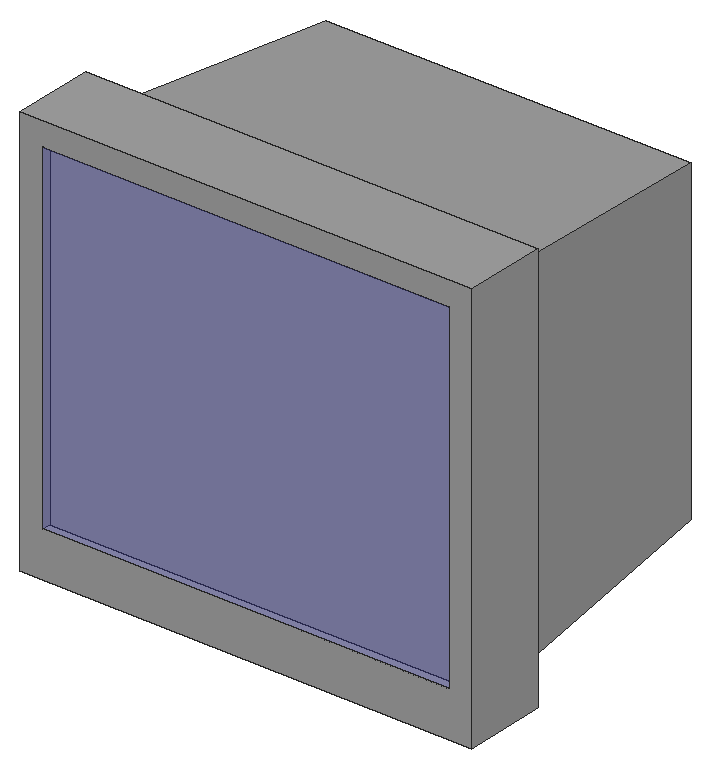
Revit family
Parameters (values of type "754mm Width")
  Material = Plastic - Gray
  Depth = 546.00 mm
  Height = 686.00 mm
  Width = 754.00 mm
Types (5, lengths in mm): name | Depth | Height | Width
  (no name) | 546.00 | 686.00 | 754.00
  648mm Width | 513.00 | 595.00 | 648.00
  520mm Width | 468.00 | 445.00 | 520.00
  754mm Width | 546.00 | 686.00 | 754.00
  935mm Width | 635.00 | 825.00 | 935.00
Reference planes
  plane 1 "Center (Front/Back)": y = 0
  plane 2: z = 0
  plane 3 "Center (Left/Right)": x = 0
  plane 4: z = 686
  plane 5: y = -349.25
  plane 6: x = 377
  plane 7: x = -377
  plane 8: y = -212.75
  plane 9: x = -338.9
  plane 10: x = 338.9
  plane 11: x = -303.975
  plane 12: x = 303.975
  plane 13: z = 38.1
  plane 14: z = 76.2
  plane 15: z = 647.106
  plane 16: z = 609.006
  plane 17: y = 60.25
  plane 18: y = 196.75
  plane 19: y = -76.25
Forms (mm)
  Extrusion 1, solid, material "Plastic - Gray" <- "Material"
    sketch origin (0, 0, 0) x (1, 0, 0) y (0, 1, 0)
      loop
        line (-377, -212.75) -> (-377, -349.25) -> (377, -349.25) -> (377, -212.75) -> (-377, -212.75)
    from 0 to 686
  Blend 2, solid, material "Plastic - Gray" <- "Material"
    base sketch origin (-377, -349.25, 686) x (0, 0, -1) y (1, 0, 0)
      loop
        line (38.894, 38.1) -> (647.9, 38.1) -> (647.9, 715.9) -> (38.894, 715.9) -> (38.894, 38.1)
    top sketch origin (-377, -349.25, 686) x (0, 0, -1) y (1, 0, 0)
      loop
        line (76.994, 73.025) -> (609.8, 73.025) -> (609.8, 680.975) -> (76.994, 680.975) -> (76.994, 73.025)
    from -136.5 to -546
  Extrusion 3, void
    sketch origin (-377, -349.25, 686) x (0, 0, 1) y (1, 0, 0)
      loop
        line (-38.894, 38.1) -> (-38.894, 715.9) -> (-609.8, 715.9) -> (-609.8, 38.1) -> (-38.894, 38.1)
    from 0 to 14.728
  Extrusion 4, solid, material "Glass"
    sketch origin (-377, -349.25, 686) x (0, 0, -1) y (1, 0, 0)
      loop
        line (38.894, 38.1) -> (609.8, 38.1) -> (609.8, 715.9) -> (38.894, 715.9) -> (38.894, 38.1)
    from -14.728 to 0
Cuts and joins
  Extrusion 3 cuts Extrusion 1
  Extrusion 3 cuts Blend 2
Lines and regions (mm)
  Masking region 1
    outline origin (0, 0, 0) x (1, 0, 0) y (0, 1, 0)
      loop
        line (303.975, 196.75) -> (-303.975, 196.75) -> (-338.9, -212.75) -> (-377, -212.75) -> (-377, -349.25) -> (377, -349.25) -> (377, -212.75) -> (338.9, -212.75) -> (303.975, 196.75)
  model lines
    curve 1: line (-338.9, -349.25, 76.2) -> (338.9, -349.25, 76.2)
    curve 2: line (-338.9, -349.25, 647.106) -> (-338.9, -349.25, 76.2)
    curve 3: line (338.9, -349.25, 647.106) -> (-338.9, -349.25, 647.106)
    curve 4: line (338.9, -349.25, 76.2) -> (338.9, -349.25, 647.106)
  symbolic lines
    curve 5: line (-338.9, -212.75, 0) -> (338.9, -212.75, 0)
Dimensions and locks
  "Width": plane 7 to plane 6
  "Height": plane 4 to plane 2
  equal spacing: plane 7, plane 3 "Center (Left/Right)", plane 6
  plane 9 to plane 10 = 677.80 mm
  "Depth": plane 5 to plane 18
  equal spacing: plane 5, plane 8, plane 19, plane 17, plane 18
  locked: plane 7 to plane 9 at 38.1
  locked: plane 10 to plane 6 at 38.1
  locked: plane 15 to plane 4 at 38.894
  locked: plane 2 to plane 13 at 38.1
  locked: plane 9 to plane 11 at 34.925
  locked: plane 12 to plane 10 at 34.925
  locked: plane 16 to plane 15 at 38.1
  locked: plane 13 to plane 14 at 38.1
  aligned and locked: Extrusion 1 to plane 4
  aligned and locked: plane 9 to curve 1
  aligned and locked: plane 14 to curve 1
  aligned and locked: Blend 2 sketch curve to curve 2
  aligned and locked: Blend 2 to plane 18
  aligned and locked: plane 8 to Blend 2
  aligned and locked: Extrusion 3 sketch curve to curve 2
  aligned and locked: curve 1 to Extrusion 3 sketch curve
  aligned and locked: Extrusion 3 sketch curve to curve 4
  aligned and locked: Extrusion 4 sketch curve to curve 2
  aligned and locked: Extrusion 4 sketch curve to cut or joined group of Extrusion 1, Extrusion 3
  aligned and locked: Extrusion 4 sketch curve to curve 4
  aligned and locked: cut or joined group of Extrusion 1, Extrusion 3 to Extrusion 4
  aligned and locked: plane 5 to Extrusion 4
  aligned and locked: Masking region 1 sketch curve to cut or joined group of Blend 2, Extrusion 3  (x4)
  aligned and locked: Masking region 1 sketch curve to cut or joined group of Extrusion 1, Extrusion 3  (x2)
  aligned and locked: cut or joined group of Blend 2, Extrusion 3 to Masking region 1 sketch curve
  aligned and locked: plane 5 to cut or joined group of Extrusion 1, Extrusion 3
Automatic sketch dimensions
  Extrusion 1 sketch curve to plane 5 = 0.00 mm
  Extrusion 1 sketch curve to plane 7 = 0.00 mm
  Extrusion 1 sketch curve to plane 6 = 0.00 mm
  Extrusion 1 sketch curve to plane 8 = 0.00 mm
  curve 3 to plane 15 = 0.00 mm
  curve 3 to plane 10 = 0.00 mm
  Blend 2 sketch curve to plane 10 = 0.00 mm
  Blend 2 sketch curve to plane 15 = 0.00 mm
  Blend 2 sketch curve to plane 13 = 0.00 mm
  Blend 2 sketch curve to plane 12 = 0.00 mm
  Blend 2 sketch curve to plane 16 = 0.00 mm
  Blend 2 sketch curve to plane 11 = 0.00 mm
  Blend 2 sketch curve to plane 14 = 0.00 mm
  Extrusion 3 sketch curve to plane 15 = 0.00 mm
  Extrusion 4 sketch curve to plane 15 = 0.00 mm
  Masking region 1 sketch curve to plane 7 = 0.00 mm
  curve 5 to plane 8 = 0.00 mm
  curve 5 to plane 9 = 0.00 mm
  curve 5 to plane 10 = 0.00 mm
